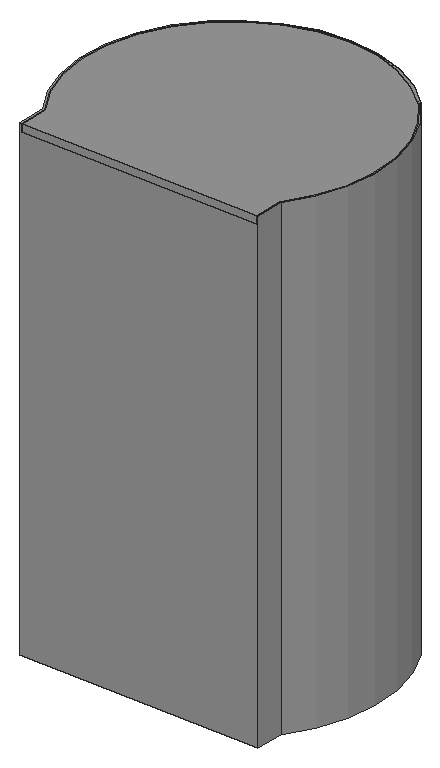
Revit family "3000 Björk Handdryer", category Furniture Systems, host Wall, Revit 2017
Family settings
  Host = Wall
  Round Connector Dimension = Use Diameter
  Part Type = Normal
  Always vertical = Yes
  Cut with Voids When Loaded = No
  Shared = No
  Room Calculation Point = No
Parameters (values of type "OSLO")
  URL = "http://www.dandryer.com/en-gb/products/-handdryers/3000-bjork-hand-dryer--white"
  Type Image = <None>
  Surface Top = OSLO
  Surface Front = WHITE
  Model = "Björk-3000"
  Manufacturer = "Dan Dryer"
  Description = "Touch-free hand dryer"
  Cost = 0
Types (6, lengths in mm): name | URL | Surface Top
  BIRK | "http://www.dandryer.dk/da-dk/produkter/produktserie-%E2%80%93-bjork/3000-bjork-haandtoerrer--hvid" | BIRK
  GEO WHITE | "http://www.dandryer.dk/da-dk/produkter/produktserie-%E2%80%93-bjork/3000-bjork-haandtoerrer--hvid" | GEO WHITE
  GRIGIO LONDRA | "http://www.dandryer.dk/da-dk/produkter/produktserie-%E2%80%93-bjork/3000-bjork-haandtoerrer--hvid" | GRIGIO LONDRA
  NEGRO INGO | "http://www.dandryer.dk/da-dk/produkter/produktserie-%E2%80%93-bjork/3000-bjork-haandtoerrer--hvid" | NEGRO INGO
  OSLO | "http://www.dandryer.com/en-gb/products/-handdryers/3000-bjork-hand-dryer--white" | OSLO
  BIANCO MALE | "http://www.dandryer.dk/da-dk/produkter/produktserie-%E2%80%93-bjork/3000-bjork-haandtoerrer--hvid" | BIANCO MALE
Reference planes
  plane 1 "Wall": y = 0
  plane 2 "Center (Left/Right)": x = 125
  plane 3 "Back": y = 75
Forms (mm)
  Extrusion 1, solid, material "WHITE", not visible
    sketch origin (0, 0, 0) x (1, 0, 0) y (0, 1, 0)
      loop
        arc (42.212, 95.366) -> (42.426, 94.946) -> (42.5, 94.481) r 1.5
        line (42.5, 94.481) -> (42.5, 75.3) -> (43.7, 75.3) -> (43.7, 94.481)
        arc (43.7, 94.481) -> (43.567, 95.318) -> (43.181, 96.073) r 2.7
        arc (43.181, 96.073) -> (125, 257.1) -> (206.819, 96.073) r 101.3
        arc (206.819, 96.073) -> (206.433, 95.318) -> (206.3, 94.481) r 2.7
        line (206.3, 94.481) -> (206.3, 75.3) -> (207.5, 75.3) -> (207.5, 94.481)
        arc (207.5, 94.481) -> (207.574, 94.946) -> (207.788, 95.366) r 1.5
        arc (207.788, 95.366) -> (125, 258.3) -> (42.212, 95.366) r 102.5
    from 900 to 1230
  Extrusion 2, void, not visible
    sketch origin (207.5, 94.481, 0) x (0, 1, 0) y (0, 0, -1)
      loop
        line (-19.181, -1225) -> (-19.181, -1230) -> (6.154, -1230)
        arc (6.154, -1230) -> (3.068, -1228.36) -> (2.105, -1225) r 4.47
        line (2.105, -1225) -> (-19.181, -1225)
    from -10.952 to 170.161
  Extrusion 3, void, not visible
    sketch origin (207.5, 94.481, 2130) x (0, 1, 0) y (0, 0, -1)
      loop
        line (-19.181, 1225) -> (2.105, 1225)
        arc (2.105, 1225) -> (3.068, 1228.36) -> (6.154, 1230) r 4.47
        line (6.154, 1230) -> (-19.181, 1230) -> (-19.181, 1225)
    from -6 to 179.451
  Extrusion 4, solid, not visible
    sketch origin (207.5, 75.3, 907) x (0, 1, 0) y (-1, 0, 0)
      loop
        line (0, 163.8) -> (0, 1.2) -> (19.181, 1.2)
        arc (19.181, 1.2) -> (20.018, 1.067) -> (20.773, 0.681) r 2.7
        arc (20.773, 0.681) -> (181.8, 82.5) -> (20.773, 164.319) r 101.3
        arc (20.773, 164.319) -> (20.018, 163.933) -> (19.181, 163.8) r 2.7
        line (19.181, 163.8) -> (0, 163.8)
    from 0 to -2
  Extrusion 5, void, not visible
    sketch origin (206.3, 75.3, 0) x (-1, 0, 0) y (0, 0, 1)
      loop
        arc (83.312, 976) -> (81.303, 978.014) -> (79.288, 976) r 2.012
        line (79.288, 976) -> (79.285, 930)
        arc (79.285, 930) -> (81.297, 927.986) -> (83.312, 930) r 2.012
        line (83.312, 930) -> (83.312, 976)
    from 174.915 to 189.234
  Extrusion 6, solid, not visible
    sketch origin (206.3, 75.3, 0) x (1, 0, 0) y (0, 0, 1)
      loop
        line (-83.312, 975.984) -> (-83.312, 930)
        arc (-83.312, 930) -> (-81.291, 928.118) -> (-79.287, 930.016) r 2.015
        line (-79.287, 930.016) -> (-79.288, 976)
        arc (-79.288, 976) -> (-81.309, 977.882) -> (-83.312, 975.984) r 2.015
    from -182.98 to -174.915
  Extrusion 7, solid, material "Mat Sort", not visible
    sketch origin (0, 0, 0) x (1, 0, 0) y (0, 1, 0)
      loop
        arc (42.212, 95.366) -> (42.426, 94.946) -> (42.5, 94.481) r 1.5
        line (42.5, 94.481) -> (42.5, 75.3) -> (43.7, 75.3) -> (43.7, 94.481)
        arc (43.7, 94.481) -> (43.567, 95.318) -> (43.181, 96.073) r 2.7
        arc (43.181, 96.073) -> (125, 257.1) -> (206.819, 96.073) r 101.3
        arc (206.819, 96.073) -> (206.433, 95.318) -> (206.3, 94.481) r 2.7
        line (206.3, 94.481) -> (206.3, 75.3) -> (207.5, 75.3) -> (207.5, 94.481)
        arc (207.5, 94.481) -> (207.574, 94.946) -> (207.788, 95.366) r 1.5
        arc (207.788, 95.366) -> (125, 258.3) -> (42.212, 95.366) r 102.5
    from 900 to 1230
Text (mm)
  text "Placement Side" at (-1848.837, 1116.779, 0), in view "Ref. Level"
  text "Placement side" at (0, 1409.804, 2854.306), in view "Left"
  text "Placement side" at (0, 499.811, 2980.732), in view "Right"
Dimensions and locks
  locked: plane 3 "Back" to host wall
  aligned and locked: plane 1 "Wall" to host wall
  aligned and locked: plane 3 "Back" to nested 1  (x2)
Nested families
  nested 1: "Master Handdryer" at (125, 75, 1100), type "Master Handdryer"
Definition of nested family "Master Handdryer"
  Parameters (values of type "Master Handdryer")
    Surface Top = none
    Surface Front = none
  Reference planes
    plane 1 "Center (Front/Back)": y = 0
    plane 2: z = 0
    plane 3 "Center (Left/Right)": x = 0
  Forms (mm)
    Extrusion 1, solid, material <- "Surface Front"
      sketch origin (0, 0, 0) x (1, 0, 0) y (0, 1, 0)
        loop
          arc (82.5, 19.672) -> (0, 183) -> (-82.5, 19.672) r 102.5
          line (-82.5, 19.672) -> (-82.5, 0) -> (82.5, 0) -> (82.5, 19.672)
      from 0 to 330
    Extrusion 2, solid, material <- "Surface Top"
      sketch origin (0, 0, 330) x (1, 0, 0) y (0, 1, 0)
        loop
          arc (81.3, 20.068) -> (0, 181.8) -> (-81.3, 20.068) r 101.3
          line (-81.3, 20.068) -> (-81.3, 0) -> (81.3, 0) -> (81.3, 20.068)
      from 0 to -5
    Extrusion 3, void
      sketch origin (0, 0, 0) x (1, 0, 0) y (0, 1, 0)
        loop
          line (-81.3, 0) -> (81.3, 0) -> (81.3, 20.068)
          arc (81.3, 20.068) -> (0, 181.8) -> (-81.3, 20.068) r 101.3
          line (-81.3, 20.068) -> (-81.3, 0)
      from 325 to 330
  Cuts and joins
    Extrusion 3 cuts Extrusion 1
  Dimensions and locks
    aligned and locked: level to plane 2
